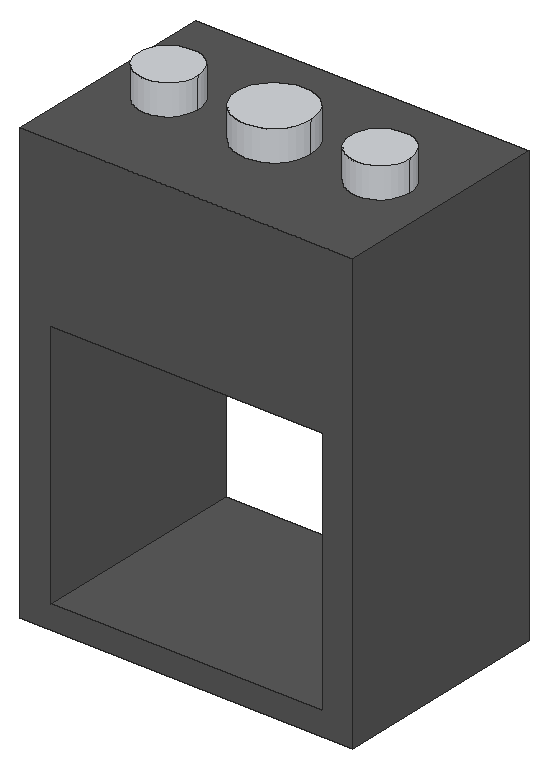
Revit family "montigo-commercial-see-through-low-profile-fireplace-BF36ST", category Generic Models, Revit 2019
Family settings
  Can host rebar = No
  Round Connector Dimension = Use Diameter
  Part Type = Normal
  Work Plane-Based = No
  Always vertical = Yes
  Cut with Voids When Loaded = No
  Shared = No
  Room Calculation Point = No
Parameters
  URL = "https://www.montigo.com/"
  Model = ""
  Manufacturer Fax = ""
  Manufacturer Website = "https://www.montigo.com/"
  Manufacturer Phone - Toll Free = "800-378-3115"
  Manufacturer Phone = ""
  Manufacturer Address = "27342 Gloucester Way  Langley, BC, Canada   V4W 4A1"
  Manufacturer = "Montigo"
  Keynote = ""
  Glazing Tint = Glass - Montigo - Tint as Specified
  Frame Material = Metal - Montigo - Black
  Firebox Material = Metal - Montigo - White
  Description = "Montigo Fireplace as Specified"
Reference planes (in)
  plane 1 "Center (Front/Back)": y = 0
  plane 2: z = 0
  plane 3 "Center (Left/Right)": x = 0
Forms (in)
  Extrusion 1, solid, material "Metal - Montigo - Black" <- "Frame Material"
    sketch origin (15, -15, 0) x (1, 0, 0) y (0, 1, 0)
      loop
        line (-37, 29.5) -> (-37, 0.5) -> (7, 0.5) -> (7, 29.5) -> (-37, 29.5)
    from 0 to 58
  Extrusion 2, solid
    sketch origin (0, 0, 0) x (1, 0, 0) y (0, 1, 0)
      loop
        circle (-14, 0) r 3.9375
      loop
        circle (0, 0) r 4.875
      loop
        circle (14, 0) r 3.9375
    from 58 to 62
  Extrusion 3, void
    sketch origin (19.1875, -6.15625, 0) x (-1, 0, 0) y (0, 0, -1)
      loop
        line (37.1875, -36) -> (37.1875, -3) -> (1.1875, -3) -> (1.1875, -36) -> (37.1875, -36)
    from -32.54069 to 12
Cuts and joins
  Extrusion 3 cuts Extrusion 1
Dimensions and locks (in)
  aligned and locked: level to plane 2
Connectors (in)
  hvac at (14, 0, 62)
    settings: on Extrusion 2, index 1, duct flow 0.0 L/s, flow factor 0, pres drop 0.0 Pa, loss coef 0, conn angle 0.00°, conn width 304.8 mm, conn height 304.8 mm, conn diameter 200.124 mm, duct sys type 3, conn prof type 0, flow config 0, flow direction 0, loss method 0, conn ref index -1, conn util no, is conn primary yes, conn desc ""
  hvac at (-14, 0, 62)
    settings: on Extrusion 2, index 2, duct flow 0.0 L/s, flow factor 0, pres drop 0.0 Pa, loss coef 0, conn angle 0.00°, conn width 304.8 mm, conn height 304.8 mm, conn diameter 200.124 mm, duct sys type 3, conn prof type 0, flow config 0, flow direction 0, loss method 0, conn ref index -1, conn util no, is conn primary no, conn desc ""
  hvac at (0, 0, 62)
    settings: on Extrusion 2, index 3, duct flow 0.0 L/s, flow factor 0, pres drop 0.0 Pa, loss coef 0, conn angle 0.00°, conn width 304.8 mm, conn height 304.8 mm, conn diameter 247.65 mm, duct sys type 3, conn prof type 0, flow config 0, flow direction 0, loss method 0, conn ref index -1, conn util no, is conn primary no, conn desc ""
